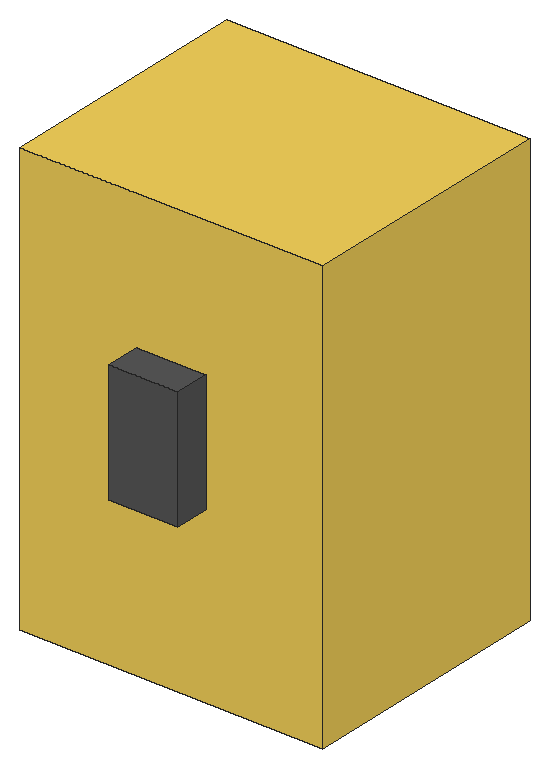
Revit family "TP_Plug-in Tap-off Unit", category Electrical Equipment, Revit 2025
Family settings
  Panel Configuration = Two Columns, Circuits Across
  Round Connector Dimension = Use Diameter
  Part Type = Panelboard
  OmniClass Number = 23.80.30.11.17
  OmniClass Title = Distribution Boards and Control Panels
  Work Plane-Based = No
  Always vertical = Yes
  Cut with Voids When Loaded = No
  Maintain Annotation Orientation = No
  Shared = No
  Room Calculation Point = No
Parameters (values of type "MCCB 125A")
  Width = 350 mm
  built-in parameter 1140142 [instance] = -1
  Rated Current = "125 A"
  Protective Device = "MCCB 3P+N, plug-in"
  built-in parameter 1140140 [instance] = 1 (stored number, unit not read)
  Height = 500 mm
  built-in parameter 1155100 [instance] = -1
  Depth = 300 mm
  Default Elevation = 0 mm
Types (5, lengths in mm): name | Width | Rated Current | Height
  MCCB 63A | 300 | "63 A" | 450
  MCCB 100A | 350 | "100 A" | 500
  MCCB 125A | 350 | "125 A" | 500
  MCCB 160A | 400 | "160 A" | 600
  MCCB 250A | 450 | "250 A" | 650
Reference planes
  plane 1 "Center (Front/Back)": y = 0
  plane 2: z = 0
  plane 3 "Center (Left/Right)": x = 0
  plane 4 "Left": x = -175
  plane 5 "Right": x = 175
  plane 6 "Front": y = -300
  plane 7 "Bottom": z = -500
Forms (mm)
  Extrusion 1, solid, material "Tap-off Box Yellow"
    sketch origin (0, 0, -450) x (1, 0, 0) y (0, 1, 0)
      loop
        line (-175, -300) -> (175, -300) -> (175, 0) -> (-175, 0) -> (-175, -300)
    from -50 to 450
  Extrusion 2, solid, material "Tap-off Handle Black"
    sketch origin (0, 0, -300) x (1, 0, 0) y (0, 1, 0)
      loop
        line (-40, -340) -> (40, -340) -> (40, -300) -> (-40, -300) -> (-40, -340)
    from 0 to 140
Dimensions and locks
  equal spacing: plane 4 "Left", plane 3 "Center (Left/Right)", plane 5 "Right"
  "Width": plane 4 "Left" to plane 5 "Right"
  "Depth": plane 6 "Front" to plane 1 "Center (Front/Back)"
  "Height": plane 7 "Bottom" to level
  aligned and locked: level to plane 2
  aligned and locked: level to Extrusion 1
  aligned and locked: plane 7 "Bottom" to Extrusion 1
  aligned and locked: Extrusion 1 to plane 5 "Right"
  aligned and locked: Extrusion 1 to plane 1 "Center (Front/Back)"
  aligned and locked: plane 4 "Left" to Extrusion 1
  aligned and locked: Extrusion 1 to plane 6 "Front"
  aligned and locked: plane 6 "Front" to Extrusion 2
Automatic sketch dimensions
  Extrusion 1 sketch curve to plane 4 "Left" = 0 mm
  plane 1 "Center (Front/Back)" to Extrusion 1 sketch curve = 0 mm
  Extrusion 1 sketch curve to plane 5 "Right" = 0 mm
  Extrusion 1 sketch curve to plane 6 "Front" = 0 mm
  Extrusion 2 sketch curve to plane 6 "Front" = 0 mm
  Extrusion 2 sketch curve to plane 3 "Center (Left/Right)" = 40 mm
  plane 3 "Center (Left/Right)" to Extrusion 2 sketch curve = 40 mm
  Extrusion 2 sketch curve to plane 6 "Front" = 40 mm
